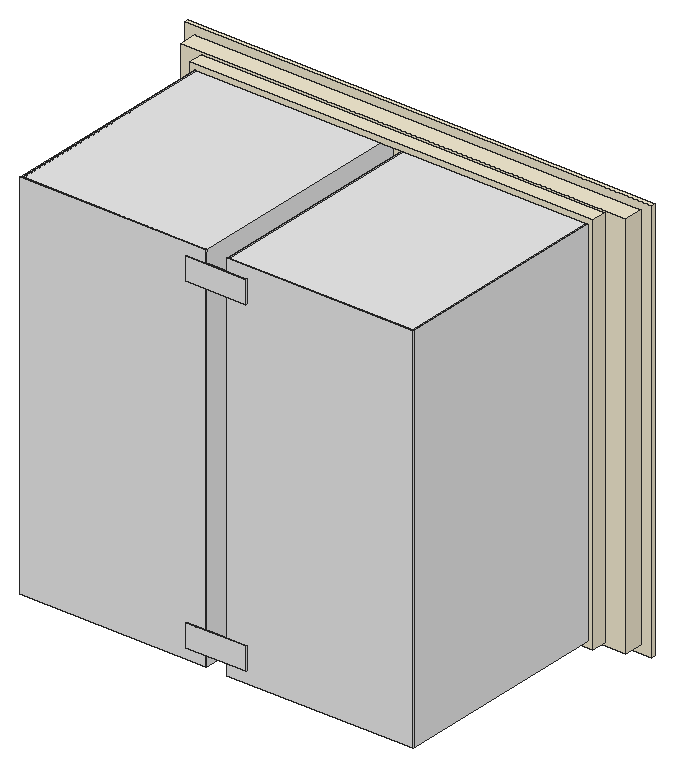
Revit family "4C-7_Door_High_Units_FL.rfa", category Specialty Equipment, host Wall, Revit 2016
Family settings
  Host = Wall
  Part Type = Normal
  Round Connector Dimension = Use Diameter
  Always vertical = Yes
  Cut with Voids When Loaded = No
  Shared = No
  Room Calculation Point = No
Parameters (values of type "3707D-12 FL")
  Width = 31.09766"
  Visible Door Number [instance] = yes
  Vertical Center Divider = yes
  Version = "2.0 (08/09/16)"
  Type Comments = "4C Standard Horizontal Mailbox - Front Loading"
  Top Back Plate = yes
  Right Inside Wall = yes
  Model = "3707D-12 FL"
  MasterFormat Title = "Postal Specialties"
  MasterFormat Number = "10 55 00"
  Manufacturer = "Salsbury Industries"
  Lock Material = Stainless Steel -Salsbury Finish =  Polished
  Left Inside Wall = yes
  Latch Locks - Right Side = no
  Latch Locks - Left Side = no
  Latch Alignment = 14.85742"
  Keynote = ""
  Height = 26.970"
  Front Panel Material [instance] = Aluminum - Salsbury Finish = Sandstone
  Door Slot R7 Number [instance] = "12"
  Door Slot R7 = 3700 Series 4C Door Configurations : MB1 Door w/ Divider
  Door Slot R6 Number [instance] = "11"
  Door Slot R6 = 3700 Series 4C Door Configurations : MB1 Door w/ Divider
  Door Slot R5 Number [instance] = "10"
  Door Slot R5 = 3700 Series 4C Door Configurations : MB1 Door w/ Divider
  Door Slot R4 Number [instance] = "0"
  Door Slot R4 = 3700 Series 4C OM2 Configuration : OM2-FL
  Door Slot R3 Number [instance] = "0"
  Door Slot R3 = 3700 Series 4C Door Configurations : Empty
  Door Slot R2 Number [instance] = "9"
  Door Slot R2 = 3700 Series 4C Door Configurations : MB1 Door w/ Divider
  Door Slot R1 Number [instance] = "8"
  Door Slot R1 = 3700 Series 4C Door Configurations : MB1 Door
  Door Slot L7 Number [instance] = "7"
  Door Slot L7 = 3700 Series 4C Door Configurations : MB1 Door w/ Divider
  Door Slot L6 Number [instance] = "6"
  Door Slot L6 = 3700 Series 4C Door Configurations : MB1 Door w/ Divider
  Door Slot L5 Number [instance] = "5"
  Door Slot L5 = 3700 Series 4C Door Configurations : MB1 Door w/ Divider
  Door Slot L4 Number [instance] = "4"
  Door Slot L4 = 3700 Series 4C Door Configurations : MB1 Door w/ Divider
  Door Slot L3 Number [instance] = "3"
  Door Slot L3 = 3700 Series 4C Door Configurations : MB1 Door w/ Divider
  Door Slot L2 Number [instance] = "2"
  Door Slot L2 = 3700 Series 4C Door Configurations : MB1 Door w/ Divider
  Door Slot L1 Number [instance] = "1"
  Door Slot L1 = 3700 Series 4C Door Configurations : MB1 Door
  Description = "7 Door High Unit: 12 MB1, OM2"
  Depth = 17.025"
  Center Extrusion Offset [instance] = 0.000"
  Bottom Back Plate = yes
  Back Enclosure Material = Aluminum - Salsbury Finish = Anodized
  Assembly Code = "C1030910"
  Above Finished Floor (AFF-Bottom of Unit) [instance] = 26.683"
  Above Finished Floor (AFF-Bottom of Door) [instance] = 28.000"
Reference planes (in)
  plane 1 "Wall Centerline": y = 0
  plane 2 "Center (Left/Right)": x = 0
  plane 3 "Front": y = 3
  plane 4 "15" AFF": z = 28
  plane 5 "28" AFF": z = 28
  plane 6 "36" AFF": z = 36
  plane 7 "48" AFF": z = 48
  plane 8 "Bottom of Unit": z = 26.683
  plane 9 "Top of Unit": z = 53.653
  plane 10 "Left Side of Unit": x = 15.54883
  plane 11 "Right Side of Unit": x = -15.54883
  plane 12 "28" AFF_Bottom of Unit": z = 26.683
  plane 13 "Top Horiz Trim Align": z = 52.82225
  plane 14 "Bottom Horiz Trim Align": z = 27.515
  plane 15 "Left Trim Align": x = 14.716
  plane 16 "Right Trim Align": x = -14.716
  plane 17 "Left Door Align": x = 14.06641
  plane 18 "Right Door Align": x = -14.06641
  plane 19 "Top Horiz Door Align": z = 52.23125
  plane 20 "Bottom Horiz Door Align": z = 28
  plane 21 "Front Face of Unit": y = 3.265
  plane 22 "Top Housing Align": z = 53.149
  plane 23 "Top Collar Align": z = 53.001
  plane 24 "Top Box Align": z = 52.646
  plane 25 "Vertical Housing Align": y = 1.795
  plane 26 "Vertical Collar Align": y = 0.795
  plane 27 "Back of Unit": y = -13.76
  plane 28 "Bottom Housing Align": z = 27.187
  plane 29 "Bottom Collar Align": z = 27.335
  plane 30 "Bottom Box Align": z = 27.75
  plane 31 "Door Alignment": y = 2.66809
  plane 32 "Right Housing Align": x = -14.84183
  plane 33 "Right Collar Align": x = -13.40883
  plane 34 "Right Box Side Align": x = -13.08083
  plane 35 "Left Housing Align": x = 14.84183
  plane 36 "Left Collar Align": x = 13.40883
  plane 37 "Left Side Box Align": x = 13.08083
  plane 38 "Top Back Plate Align": z = 51.867
  plane 39 "Back": y = -3
  plane 40 "RO Left Side": x = 15.17383
  plane 41 "RO Right Side": x = -15.17383
  plane 42 "RO Bottom": z = 27.058
  plane 43 "RO Top": z = 53.278
  plane 44 "Horiz Centerline": z = 42.04237
  plane 45: x = 12.99983
  plane 46: x = 12.92758
  plane 47 "Center Extrusion": x = 0
  plane 48 "Center Extrusion Offset": x = 0
  plane 49 "Row 4 Top Align": z = 42
  plane 50 "Row 3 Top Align": z = 45.5
  plane 51 "Row 2 Top Align": z = 49
  plane 52 "Row 7 Top Align": z = 31.5
  plane 53 "Row 6 Top Align": z = 35
  plane 54 "Row 5 Top Align": z = 38.5
  plane 55 "Top of base shelf": z = 28.41625
  plane 56 "base shelf void": z = 28.23439
  plane 57: z = 29.999
  plane 58: z = 28.499
  plane 59 "bottom of base shelf": z = 27.88469
  plane 60 "Right Latch Align": x = -0.69141
  plane 61 "Left Latch Align": x = 0.69141
  plane 62 "Bottom Latch Align": z = 33.765
  plane 63 "Top Latch Align": z = 46.631
Forms (in)
  Extrusion 1, void
    sketch origin (0, 3, 0) x (1, 0, 0) y (0, 0, 1)
      loop
        line (15.17383, 53.278) -> (-15.17383, 53.278) -> (-15.17383, 27.058) -> (15.17383, 27.058) -> (15.17383, 53.278)
    from 0 to 15.27914
  Extrusion 2, solid, material "Aluminum - Salsbury Finish = Sandstone" <- "Front Panel Material"
    sketch origin (0, 3, 0) x (1, 0, 0) y (0, 0, 1)
      loop
        line (15.54883, 53.653) -> (-15.54883, 53.653) -> (-15.54883, 26.683) -> (15.54883, 26.683) -> (15.54883, 53.653)
    from -0.265 to 0
  Extrusion 3, void
    sketch origin (0, 3.265, 0.00774) x (0, 0, -1) y (-1, 0, 0)
      loop
        line (-52.81451, -14.716) -> (-27.50726, -14.716) -> (-27.50726, 14.716) -> (-52.81451, 14.716) -> (-52.81451, -14.716)
    from -0.265 to 0
  Extrusion 4, solid, material "Aluminum - Salsbury Finish = Sandstone" <- "Front Panel Material"
    sketch origin (14.98214, 3.265, -1.67978) x (0, 0, -1) y (-1, 0, 0)
      loop
        line (-54.50203, 29.69814) -> (-54.50203, 29.04855) -> (-29.19478, 29.04855) -> (-29.19478, 29.69814) -> (-54.50203, 29.69814)
    from 0 to -0.265
  Extrusion 5, solid, material "Aluminum - Salsbury Finish = Sandstone" <- "Front Panel Material"
    sketch origin (0, 3.265, 84.08475) x (0, 0, 1) y (1, 0, 0)
      loop
        line (-56.56975, 14.06641) -> (-56.56975, -14.06641) -> (-56.08475, -14.06641) -> (-56.08475, 14.06641) -> (-56.56975, 14.06641)
    from -0.265 to 0
  Extrusion 6, solid, material "Aluminum - Salsbury Finish = Sandstone" <- "Front Panel Material"
    sketch origin (0, 3, 84.08475) x (1, 0, 0) y (0, 0, 1)
      loop
        line (-14.84183, -56.89775) -> (14.84183, -56.89775) -> (14.84183, -30.93575) -> (-14.84183, -30.93575) -> (-14.84183, -56.89775)
    from 0 to 1.205
  Extrusion 7, solid, material "Aluminum - Salsbury Finish = Sandstone" <- "Front Panel Material"
    sketch origin (0, 1.795, 0) x (0, 0, 1) y (-1, 0, 0)
      loop
        line (27.335, 13.40883) -> (27.335, -13.40883) -> (53.001, -13.40883) -> (53.001, 13.40883) -> (27.335, 13.40883)
    from 0 to 1
  Extrusion 8, void
    sketch origin (0, 1.795, 0) x (0, 0, 1) y (-1, 0, 0)
      loop
        line (52.646, 13.08083) -> (27.75, 13.08083) -> (27.75, -13.08083) -> (52.646, -13.08083) -> (52.646, 13.08083)
    from 0 to 1
  Extrusion 9, solid, material "Aluminum - Salsbury Finish = Sandstone" <- "Front Panel Material"
    sketch origin (0, 3.265, 0) x (0, 0, -1) y (-1, 0, 0)
      loop
        line (-52.82225, -14.716) -> (-27.515, -14.716) -> (-27.515, -14.06641) -> (-52.82225, -14.06641) -> (-52.82225, -14.716)
    from 0 to -0.265
  Extrusion 10, solid, material "Aluminum - Salsbury Finish = Sandstone" <- "Front Panel Material"
    sketch origin (0, 3.265, 0) x (0, 0, -1) y (-1, 0, 0)
      loop
        line (-52.82225, -14.06641) -> (-52.23125, -14.06641) -> (-52.23125, 14.06641) -> (-52.82225, 14.06641) -> (-52.82225, -14.06641)
    from -0.265 to 0
  Extrusion 11, void
    sketch origin (0, 1.795, 0) x (0, 0, 1) y (-1, 0, 0)
      loop
        line (53.001, -13.40883) -> (53.001, 13.40883) -> (27.335, 13.40883) -> (27.335, -13.40883) -> (53.001, -13.40883)
    from -1.124 to 0
  Extrusion 12, void
    sketch origin (0, 3, 0) x (1, 0, 0) y (0, 0, 1)
      loop
        line (14.06641, 53.001) -> (-14.06641, 53.001) -> (-14.06641, 27.335) -> (14.06641, 27.335) -> (14.06641, 53.001)
    from 0 to 0.33191
  Extrusion 13, solid, material "Aluminum - Salsbury Finish = Anodized" <- "Back Enclosure Material"
    sketch origin (-0.54283, 1.795, 0) x (0, 0, 1) y (-1, 0, 0)
      loop
        line (52.646, 12.538) -> (27.75, 12.538) -> (27.75, 12.457) -> (52.646, 12.457) -> (52.646, 12.538)
    from 0 to 15.47297
  Extrusion 14, solid, material "Aluminum - Salsbury Finish = Anodized" <- "Back Enclosure Material", visible <- "Right Inside Wall"
    sketch origin (11.7675, 1.795, 0) x (0, 0, 1) y (-1, 0, 0)
      loop
        line (52.646, 12.538) -> (27.75, 12.538) -> (27.75, 12.457) -> (52.646, 12.457) -> (52.646, 12.538)
    from 0 to 15.47297
  Extrusion 15, solid, material "Aluminum - Salsbury Finish = Anodized" <- "Back Enclosure Material"
    sketch origin (0.54283, 1.795, 0) x (0, 0, 1) y (-1, 0, 0)
      loop
        line (52.646, -12.538) -> (52.646, -12.457) -> (27.75, -12.457) -> (27.75, -12.538) -> (52.646, -12.538)
    from 0 to 15.47297
  Extrusion 16, solid, material "Aluminum - Salsbury Finish = Anodized" <- "Back Enclosure Material", visible <- "Left Inside Wall"
    sketch origin (-11.7675, 1.795, 0) x (0, 0, 1) y (-1, 0, 0)
      loop
        line (52.646, -12.538) -> (52.646, -12.457) -> (27.75, -12.457) -> (27.75, -12.538) -> (52.646, -12.538)
    from 0 to 15.47297
  Extrusion 17, solid, material "Aluminum - Salsbury Finish = Anodized" <- "Back Enclosure Material"
    sketch origin (0, -13.76, 0) x (0, 0, 1) y (-1, 0, 0)
      loop
        line (52.646, 13.08083) -> (27.75, 13.08083) -> (27.75, -13.08083) -> (52.646, -13.08083) -> (52.646, 13.08083)
    from -0.08203 to 0
  Extrusion 18, solid, material "Aluminum - Salsbury Finish = Anodized" <- "Back Enclosure Material"
    sketch origin (0, 0, 52.646) x (0, 1, 0) y (-1, 0, 0)
      loop
        line (1.795, 12.99983) -> (-13.67797, 12.99983) -> (-13.67797, -12.99983) -> (1.795, -12.99983) -> (1.795, 12.99983)
    from -0.35871 to 0
  Extrusion 19, void
    sketch origin (0, 0, 52.646) x (0, 1, 0) y (-1, 0, 0)
      loop
        line (1.7325, 12.93342) -> (-13.61547, 12.93342) -> (-13.61547, -12.92758) -> (1.7325, -12.92758) -> (1.7325, 12.93342)
    from -0.0723 to -0.6459
  Extrusion 20, solid, material "Aluminum - Salsbury Finish = Anodized" <- "Back Enclosure Material"
    sketch origin (0, 0, 27.88469) x (-1, 0, 0) y (0, -1, 0)
      loop
        line (12.99983, -1.795) -> (12.99983, 13.67797) -> (-12.99983, 13.67797) -> (-12.99983, -1.795) -> (12.99983, -1.795)
    from 0.53156 to 0
  Extrusion 21, void
    sketch origin (0, 0, 27.88469) x (-1, 0, 0) y (0, -1, 0)
      loop
        line (12.93342, -1.7325) -> (12.93342, 13.61547) -> (-12.92758, 13.61547) -> (-12.92758, -1.7325) -> (12.93342, -1.7325)
    from 0.3497 to 0
  Extrusion 22, solid, material "Aluminum - Salsbury Finish = Anodized" <- "Back Enclosure Material", visible <- "Top Back Plate"
    sketch origin (0, -13.76, 0) x (0, 0, 1) y (-1, 0, 0)
      loop
        line (51.867, 2) -> (50.367, 2) -> (50.367, -2) -> (51.867, -2) -> (51.867, 2)
    from 0 to 0.08203
  Extrusion 23, solid, material "Aluminum - Salsbury Finish = Anodized" <- "Back Enclosure Material", visible <- "Bottom Back Plate"
    sketch origin (0, -13.76, 84.11475) x (0, 0, -1) y (1, 0, 0)
      loop
        line (55.61575, -2) -> (55.61575, 2) -> (54.11575, 2) -> (54.11575, -2) -> (55.61575, -2)
    from 0 to 0.08203
  Extrusion 24, void
    sketch origin (0, 0, 0) x (0, 0, 1) y (0, 1, 0)
      loop
        line (52.646, 1.795) -> (52.82225, 1.795) -> (52.82225, 3.265) -> (27.515, 3.265) -> (27.515, 1.795) -> (27.75, 1.795) -> (27.75, -13.76) -> (52.646, -13.76) -> (52.646, 1.795)
    from -0.69141 to 0.69141
  Extrusion 25, solid, material "Aluminum - Salsbury Finish = Sandstone" <- "Front Panel Material", visible <- "Vertical Center Divider"
    sketch origin (-0.77934, 3.265, 0) x (0, 0, -1) y (-1, 0, 0)
      loop
        line (-52.82225, -1.47075) -> (-27.515, -1.47075) -> (-27.515, -0.08794) -> (-52.82225, -0.08794) -> (-52.82225, -1.47075)
    from 0 to -1.47
Cuts and joins
  Extrusion 3, Extrusion 11, Extrusion 24 cuts Extrusion 2
  Extrusion 8, Extrusion 11, Extrusion 12, Extrusion 24 cuts Extrusion 5
  Extrusion 8, Extrusion 12, Extrusion 19, Extrusion 24 cuts Extrusion 7
  Extrusion 11, Extrusion 12, Extrusion 24 cuts Extrusion 10
  Extrusion 11, Extrusion 12 cuts Extrusion 6
  Extrusion 12 cuts Extrusion 4
  Extrusion 12 cuts Extrusion 9
  Extrusion 19, Extrusion 21, Extrusion 24 cuts Extrusion 18
  Extrusion 21, Extrusion 24 cuts Extrusion 20
  Extrusion 24 cuts Extrusion 17
  Extrusion 24 cuts Extrusion 22
  Extrusion 24 cuts Extrusion 23
Lines and regions (in)
  model lines
    curve 1: line (15.54883, 3.265, 53.653) -> (14.716, 3.265, 52.82017)
    curve 2: line (-15.54883, 3.265, 53.653) -> (-14.716, 3.265, 52.82017)
    curve 3: line (-15.54883, 3.265, 26.683) -> (-14.716, 3.265, 27.51583)
    curve 4: line (15.54883, 3.265, 26.683) -> (14.716, 3.265, 27.51583)
  reference lines
    curve 5: line (-14.06641, 2.66809, 25.683) -> (-14.06641, 2.66809, 57.93425)
    curve 6: line (14.06641, 2.66809, 26.183) -> (14.06641, 2.66809, 57.93425)
Text (in)
  text "Placement Side" at (0, 40.15149, 123.01588), in view "Right"
  text "Placement Side" at (-58.6842, 42.74981, 0), in view "Ref. Level"
  text "Placement Side" at (0, 47.49176, 140.59947), in view "Left"
Dimensions and locks (in)
  locked: plane 3 "Front" to host wall
  "Above Finished Floor (AFF-Bottom of Door)": level to plane 4 "15" AFF"
  locked: level to plane 5 "28" AFF" at 28
  locked: level to plane 6 "36" AFF" at 36
  locked: level to plane 7 "48" AFF" at 48
  equal spacing: plane 11 "Right Side of Unit", plane 2 "Center (Left/Right)", plane 10 "Left Side of Unit"
  plane 8 "Bottom of Unit" to plane 4 "15" AFF" = 1.317"
  "Width": plane 11 "Right Side of Unit" to plane 10 "Left Side of Unit"
  "Height": plane 8 "Bottom of Unit" to plane 9 "Top of Unit"
  plane 12 "28" AFF_Bottom of Unit" to plane 5 "28" AFF" = 1.317"
  locked: plane 15 "Left Trim Align" to plane 10 "Left Side of Unit" at 0.83283
  locked: plane 16 "Right Trim Align" to plane 11 "Right Side of Unit" at 0.83283
  locked: plane 13 "Top Horiz Trim Align" to plane 9 "Top of Unit" at 0.83075
  locked: plane 8 "Bottom of Unit" to plane 14 "Bottom Horiz Trim Align" at 0.832
  plane 17 "Left Door Align" to plane 15 "Left Trim Align" = 0.64959"
  plane 18 "Right Door Align" to plane 16 "Right Trim Align" = 0.64959"
  locked: plane 19 "Top Horiz Door Align" to plane 13 "Top Horiz Trim Align" at 0.591
  locked: plane 14 "Bottom Horiz Trim Align" to plane 20 "Bottom Horiz Door Align" at 0.485
  plane 20 "Bottom Horiz Door Align" to level = 28.000"
  plane 5 "28" AFF" to level = 28.000"
  plane 6 "36" AFF" to level = 36.000"
  plane 7 "48" AFF" to level = 48.000"
  plane 9 "Top of Unit" to plane 8 "Bottom of Unit" = 26.970"
  plane 21 "Front Face of Unit" to host wall = 0.265"
  locked: host wall to plane 25 "Vertical Housing Align" at 1.205
  locked: plane 25 "Vertical Housing Align" to plane 26 "Vertical Collar Align" at 1
  plane 25 "Vertical Housing Align" to plane 27 "Back of Unit" = 15.555"
  "Depth": plane 21 "Front Face of Unit" to plane 27 "Back of Unit"
  locked: plane 9 "Top of Unit" to plane 22 "Top Housing Align" at 0.504
  locked: plane 22 "Top Housing Align" to plane 23 "Top Collar Align" at 0.148
  locked: plane 23 "Top Collar Align" to plane 24 "Top Box Align" at 0.355
  locked: plane 28 "Bottom Housing Align" to plane 8 "Bottom of Unit" at 0.504
  locked: plane 29 "Bottom Collar Align" to plane 28 "Bottom Housing Align" at 0.148
  locked: plane 30 "Bottom Box Align" to plane 29 "Bottom Collar Align" at 0.415
  plane 24 "Top Box Align" to plane 30 "Bottom Box Align" = 24.896"  (x2)
  locked: plane 21 "Front Face of Unit" to plane 31 "Door Alignment" at 0.59691
  plane 11 "Right Side of Unit" to plane 32 "Right Housing Align" to plane 33 "Right Collar Align" to plane 34 "Right Box Side Align" = 0.707" locked, 1.433" locked, 0.328" locked
  plane 37 "Left Side Box Align" to plane 36 "Left Collar Align" to plane 35 "Left Housing Align" to plane 10 "Left Side of Unit" = 0.328" locked, 1.433" locked, 0.707" locked
  plane 11 "Right Side of Unit" to plane 32 "Right Housing Align" to plane 33 "Right Collar Align" to plane 34 "Right Box Side Align" = 0.707", 1.433", 0.328"
  plane 37 "Left Side Box Align" to plane 36 "Left Collar Align" to plane 35 "Left Housing Align" to plane 10 "Left Side of Unit" = 0.328", 1.433", 0.707"
  plane 9 "Top of Unit" to plane 24 "Top Box Align" = 1.007"
  plane 30 "Bottom Box Align" to plane 8 "Bottom of Unit" = 1.067"
  locked: plane 24 "Top Box Align" to plane 38 "Top Back Plate Align" at 0.779
  locked: plane 40 "RO Left Side" to plane 10 "Left Side of Unit" at 0.375
  locked: plane 41 "RO Right Side" to plane 11 "Right Side of Unit" at 0.375
  locked: plane 8 "Bottom of Unit" to plane 42 "RO Bottom" at 0.375
  locked: plane 43 "RO Top" to plane 9 "Top of Unit" at 0.375
  Extrusion 13 to Extrusion 13 = 0.081"
  Extrusion 15 to Extrusion 15 = 0.081"
  plane 45 to plane 37 "Left Side Box Align" = 0.081"
  plane 46 to plane 45 = 0.07225"
  plane 18 "Right Door Align" to plane 17 "Left Door Align" = 28.13281"
  "Center Extrusion Offset": plane 47 "Center Extrusion" to plane 48 "Center Extrusion Offset"
  plane 20 "Bottom Horiz Door Align" to plane 52 "Row 7 Top Align" to plane 53 "Row 6 Top Align" to plane 54 "Row 5 Top Align" to plane 49 "Row 4 Top Align" to plane 50 "Row 3 Top Align" = 3.500" locked, 3.500" locked, 3.500" locked, 3.500" locked, 3.500" locked
  locked: plane 50 "Row 3 Top Align" to plane 51 "Row 2 Top Align" at 3.5
  plane 55 "Top of base shelf" to plane 56 "base shelf void" to plane 59 "bottom of base shelf" to plane 30 "Bottom Box Align" = 0.18186" locked, 0.3497" locked, 0.13469" locked
  plane 57 to plane 58 to plane 8 "Bottom of Unit" = 1.500" locked, 1.816" locked
  "Above Finished Floor (AFF-Bottom of Unit)": level to plane 8 "Bottom of Unit"
  locked: plane 60 "Right Latch Align" to plane 61 "Left Latch Align" at 1.38281
  plane 62 "Bottom Latch Align" to plane 30 "Bottom Box Align" = 6.015"
  plane 24 "Top Box Align" to plane 63 "Top Latch Align" = 6.015"
  "Latch Alignment": plane 11 "Right Side of Unit" to plane 60 "Right Latch Align"
  aligned and locked: plane 8 "Bottom of Unit" to Extrusion 2 sketch curve
  aligned and locked: plane 10 "Left Side of Unit" to Extrusion 2 sketch curve
  aligned and locked: Extrusion 2 sketch curve to plane 11 "Right Side of Unit"
  aligned and locked: Extrusion 2 sketch curve to plane 9 "Top of Unit"
  aligned and locked: plane 21 "Front Face of Unit" to Extrusion 2
  aligned and locked: Extrusion 4 to plane 16 "Right Trim Align"
  aligned and locked: plane 18 "Right Door Align" to Extrusion 4
  aligned and locked: plane 13 "Top Horiz Trim Align" to Extrusion 4
  aligned and locked: Extrusion 5 to plane 14 "Bottom Horiz Trim Align"
  aligned and locked: Extrusion 5 to plane 17 "Left Door Align"
  aligned and locked: plane 20 "Bottom Horiz Door Align" to Extrusion 5
  aligned and locked: Extrusion 5 to plane 18 "Right Door Align"
  aligned and locked: plane 34 "Right Box Side Align" to Extrusion 17 sketch curve
  aligned and locked: Extrusion 17 sketch curve to plane 24 "Top Box Align"
  aligned and locked: Extrusion 17 sketch curve to plane 37 "Left Side Box Align"
  aligned and locked: plane 30 "Bottom Box Align" to Extrusion 17 sketch curve
  aligned and locked: plane 25 "Vertical Housing Align" to Extrusion 18 sketch curve
  aligned and locked: Extrusion 18 sketch curve to plane 45
  aligned and locked: plane 46 to Extrusion 19
  aligned and locked: plane 45 to cut or joined group of Extrusion 18, Extrusion 19, Extrusion 21, Extrusion 24
  aligned and locked: plane 25 "Vertical Housing Align" to Extrusion 20 sketch curve
  aligned and locked: Extrusion 20 sketch curve to plane 45
  aligned and locked: plane 46 to cut or joined group of Extrusion 20, Extrusion 21, Extrusion 24
  aligned and locked: plane 17 "Left Door Align" to cut or joined group of Extrusion 9, Extrusion 12
  aligned and locked: plane 25 "Vertical Housing Align" to Extrusion 25
  aligned and locked: plane 21 "Front Face of Unit" to Extrusion 25
  aligned and locked: nested 8 to plane 17 "Left Door Align"
  aligned and locked: plane 31 "Door Alignment" to nested 8  (x2)
  aligned and locked: nested 9 to plane 17 "Left Door Align"
  aligned and locked: plane 31 "Door Alignment" to nested 9  (x2)
  aligned and locked: nested 7 to curve 5
  aligned and locked: nested 6 to curve 5
  aligned and locked: nested 5 to curve 5
  aligned and locked: nested 3 to curve 5
  aligned and locked: nested 14 to curve 6
  aligned and locked: nested 13 to curve 6
  aligned and locked: nested 12 to curve 6
  aligned and locked: nested 11 to curve 6
  aligned and locked: nested 10 to curve 6
  aligned and locked: nested 9 to curve 6
  aligned and locked: nested 8 to curve 6
  aligned and locked: plane 31 "Door Alignment" to nested 6
  aligned and locked: plane 31 "Door Alignment" to nested 13
  aligned and locked: plane 31 "Door Alignment" to nested 5
  aligned and locked: plane 31 "Door Alignment" to nested 3
  aligned and locked: plane 31 "Door Alignment" to nested 10
  aligned and locked: plane 31 "Door Alignment" to nested 12
  aligned and locked: plane 31 "Door Alignment" to nested 2
  aligned and locked: plane 31 "Door Alignment" to nested 4
  aligned and locked: nested 1 to curve 5
  aligned and locked: nested 2 to curve 5
  aligned and locked: nested 4 to curve 5
  aligned and locked: plane 31 "Door Alignment" to nested 1
  aligned and locked: plane 31 "Door Alignment" to nested 7
  aligned and locked: cut or joined group of Extrusion 23, Extrusion 24 to plane 58
  aligned and locked: plane 55 "Top of base shelf" to cut or joined group of Extrusion 20, Extrusion 21, Extrusion 24
  aligned and locked: cut or joined group of Extrusion 20, Extrusion 21, Extrusion 24 to plane 59 "bottom of base shelf"
  aligned and locked: plane 20 "Bottom Horiz Door Align" to nested 7
  aligned and locked: plane 20 "Bottom Horiz Door Align" to nested 14
  aligned and locked: plane 52 "Row 7 Top Align" to nested 6
  aligned and locked: plane 52 "Row 7 Top Align" to nested 13
  aligned and locked: plane 53 "Row 6 Top Align" to nested 5
  aligned and locked: plane 53 "Row 6 Top Align" to nested 12
  aligned and locked: plane 54 "Row 5 Top Align" to nested 4
  aligned and locked: plane 54 "Row 5 Top Align" to nested 11
  aligned and locked: plane 49 "Row 4 Top Align" to nested 3
  aligned and locked: plane 49 "Row 4 Top Align" to nested 10
  aligned and locked: plane 50 "Row 3 Top Align" to nested 2
  aligned and locked: plane 50 "Row 3 Top Align" to nested 9
  aligned and locked: plane 51 "Row 2 Top Align" to nested 1
  aligned and locked: plane 51 "Row 2 Top Align" to nested 8
  aligned and locked: plane 31 "Door Alignment" to nested 11
  aligned and locked: plane 31 "Door Alignment" to nested 14
  aligned and locked: nested 16 to plane 27 "Back of Unit"
  aligned and locked: nested 15 to plane 27 "Back of Unit"
  aligned and locked: nested 18 to plane 27 "Back of Unit"
  aligned and locked: nested 17 to plane 27 "Back of Unit"
  aligned and locked: plane 62 "Bottom Latch Align" to nested 18
  aligned and locked: plane 62 "Bottom Latch Align" to nested 17
  aligned and locked: plane 63 "Top Latch Align" to nested 16
  aligned and locked: plane 63 "Top Latch Align" to nested 15
  aligned and locked: plane 60 "Right Latch Align" to nested 17
  aligned and locked: plane 61 "Left Latch Align" to nested 18
  aligned and locked: plane 61 "Left Latch Align" to nested 16
  aligned and locked: plane 60 "Right Latch Align" to nested 15
Automatic sketch dimensions
  Extrusion 1 sketch curve to plane 41 "RO Right Side" = 0.000"
  plane 40 "RO Left Side" to Extrusion 1 sketch curve = 0.000"
  Extrusion 1 sketch curve to plane 42 "RO Bottom" = 0.000"
  Extrusion 1 sketch curve to plane 43 "RO Top" = 0.000"
  Extrusion 6 sketch curve to plane 22 "Top Housing Align" = 0.000"
  Extrusion 6 sketch curve to plane 32 "Right Housing Align" = 0.000"
  Extrusion 6 sketch curve to plane 35 "Left Housing Align" = 0.000"
  Extrusion 6 sketch curve to plane 28 "Bottom Housing Align" = 0.000"
  Extrusion 7 sketch curve to plane 29 "Bottom Collar Align" = 0.000"
  Extrusion 7 sketch curve to plane 23 "Top Collar Align" = 0.000"
  plane 36 "Left Collar Align" to Extrusion 7 sketch curve = 0.000"
  Extrusion 7 sketch curve to plane 33 "Right Collar Align" = 0.000"
  Extrusion 8 sketch curve to plane 30 "Bottom Box Align" = 0.000"
  Extrusion 8 sketch curve to plane 24 "Top Box Align" = 0.000"
  Extrusion 8 sketch curve to plane 37 "Left Side Box Align" = 0.000"
  plane 34 "Right Box Side Align" to Extrusion 8 sketch curve = 0.000"
  Extrusion 11 sketch curve to plane 29 "Bottom Collar Align" = 0.000"
  Extrusion 11 sketch curve to plane 23 "Top Collar Align" = 0.000"
  plane 36 "Left Collar Align" to Extrusion 11 sketch curve = 0.000"
  plane 33 "Right Collar Align" to Extrusion 11 sketch curve = 0.000"
  Extrusion 13 sketch curve to plane 30 "Bottom Box Align" = 0.000"
  Extrusion 13 sketch curve to plane 24 "Top Box Align" = 0.000"
  plane 34 "Right Box Side Align" to Extrusion 13 sketch curve = 0.000"
  Extrusion 13 sketch curve to Extrusion 13 sketch curve = 0.081"
  Extrusion 15 sketch curve to plane 30 "Bottom Box Align" = 0.000"
  Extrusion 15 sketch curve to plane 24 "Top Box Align" = 0.000"
  plane 37 "Left Side Box Align" to Extrusion 15 sketch curve = 0.000"
  plane 37 "Left Side Box Align" to Extrusion 15 sketch curve = 0.081"
  Extrusion 18 sketch curve to plane 27 "Back of Unit" = 0.08203"
  plane 34 "Right Box Side Align" to Extrusion 18 sketch curve = 0.081"
  curve 2 to plane 9 "Top of Unit" = 0.000"
  curve 1 to plane 9 "Top of Unit" = 0.000"
  curve 2 to plane 16 "Right Trim Align" = 0.000"
  plane 15 "Left Trim Align" to curve 1 = 0.000"
  curve 3 to plane 16 "Right Trim Align" = 0.000"
  plane 15 "Left Trim Align" to curve 4 = 0.000"
  curve 4 to plane 8 "Bottom of Unit" = 0.000"
  curve 3 to plane 8 "Bottom of Unit" = 0.000"
  plane 10 "Left Side of Unit" to curve 4 = 0.000"
  plane 10 "Left Side of Unit" to curve 1 = 0.000"
  plane 11 "Right Side of Unit" to curve 3 = 0.000"
  plane 11 "Right Side of Unit" to curve 2 = 0.000"
  curve 2 to plane 13 "Top Horiz Trim Align" = 0.00208"
  curve 1 to plane 13 "Top Horiz Trim Align" = 0.00208"
  plane 14 "Bottom Horiz Trim Align" to curve 3 = 0.00083"
  plane 14 "Bottom Horiz Trim Align" to curve 4 = 0.00083"
  Extrusion 3 sketch curve to plane 13 "Top Horiz Trim Align" = 0.000"
  Extrusion 3 sketch curve to plane 14 "Bottom Horiz Trim Align" = 0.000"
  plane 15 "Left Trim Align" to Extrusion 3 sketch curve = 0.000"
  Extrusion 3 sketch curve to plane 16 "Right Trim Align" = 0.000"
  plane 13 "Top Horiz Trim Align" to Extrusion 4 sketch curve = 0.000"
  plane 14 "Bottom Horiz Trim Align" to Extrusion 4 sketch curve = 0.000"
  Extrusion 4 sketch curve to plane 16 "Right Trim Align" = 0.000"
  Extrusion 4 sketch curve to plane 18 "Right Door Align" = 0.000"
  Extrusion 5 sketch curve to plane 14 "Bottom Horiz Trim Align" = 0.000"
  Extrusion 5 sketch curve to plane 4 "15" AFF" = 0.000"
  plane 17 "Left Door Align" to Extrusion 5 sketch curve = 0.000"
  Extrusion 5 sketch curve to plane 18 "Right Door Align" = 0.000"
  Extrusion 9 sketch curve to plane 13 "Top Horiz Trim Align" = 0.000"
  Extrusion 9 sketch curve to plane 14 "Bottom Horiz Trim Align" = 0.000"
  plane 15 "Left Trim Align" to Extrusion 9 sketch curve = 0.000"
  plane 17 "Left Door Align" to Extrusion 9 sketch curve = 0.000"
  Extrusion 10 sketch curve to plane 13 "Top Horiz Trim Align" = 0.000"
  plane 17 "Left Door Align" to Extrusion 10 sketch curve = 0.000"
  Extrusion 10 sketch curve to plane 18 "Right Door Align" = 0.000"
  Extrusion 10 sketch curve to plane 19 "Top Horiz Door Align" = 0.000"
  Extrusion 12 sketch curve to plane 18 "Right Door Align" = 0.000"
  plane 17 "Left Door Align" to Extrusion 12 sketch curve = 0.000"
  Extrusion 12 sketch curve to plane 29 "Bottom Collar Align" = 0.000"
  Extrusion 12 sketch curve to plane 23 "Top Collar Align" = 0.000"
  Extrusion 14 sketch curve to plane 30 "Bottom Box Align" = 0.000"
  Extrusion 14 sketch curve to plane 24 "Top Box Align" = 0.000"
  Extrusion 14 sketch curve to plane 2 "Center (Left/Right)" = 0.6895"
  Extrusion 14 sketch curve to Extrusion 14 sketch curve = 0.081"
  Extrusion 16 sketch curve to plane 30 "Bottom Box Align" = 0.000"
  Extrusion 16 sketch curve to plane 24 "Top Box Align" = 0.000"
  Extrusion 16 sketch curve to plane 2 "Center (Left/Right)" = 0.6895"
  Extrusion 16 sketch curve to Extrusion 16 sketch curve = 0.081"
  Extrusion 19 sketch curve to plane 46 = 0.000"
  Extrusion 19 sketch curve to plane 27 "Back of Unit" = 0.14453"
  plane 25 "Vertical Housing Align" to Extrusion 19 sketch curve = 0.0625"
  plane 34 "Right Box Side Align" to Extrusion 19 sketch curve = 0.14741"
  Extrusion 22 sketch curve to plane 38 "Top Back Plate Align" = 0.000"
  plane 38 "Top Back Plate Align" to Extrusion 22 sketch curve = 1.500"
  plane 2 "Center (Left/Right)" to Extrusion 22 sketch curve = 2.000"
  Extrusion 22 sketch curve to plane 2 "Center (Left/Right)" = 2.000"
  Extrusion 23 sketch curve to plane 2 "Center (Left/Right)" = 2.000"
  plane 2 "Center (Left/Right)" to Extrusion 23 sketch curve = 2.000"
  Extrusion 24 sketch curve to plane 14 "Bottom Horiz Trim Align" = 0.000"
  Extrusion 24 sketch curve to plane 25 "Vertical Housing Align" = 0.000"  (x2)
  Extrusion 24 sketch curve to plane 30 "Bottom Box Align" = 0.000"
  Extrusion 24 sketch curve to plane 24 "Top Box Align" = 0.000"
  Extrusion 24 sketch curve to plane 13 "Top Horiz Trim Align" = 0.000"
  Extrusion 24 sketch curve to plane 27 "Back of Unit" = 0.000"
  Extrusion 24 sketch curve to plane 21 "Front Face of Unit" = 0.000"
  Extrusion 25 sketch curve to plane 13 "Top Horiz Trim Align" = 0.000"
  Extrusion 25 sketch curve to plane 14 "Bottom Horiz Trim Align" = 0.000"
  plane 2 "Center (Left/Right)" to Extrusion 25 sketch curve = 0.69141"
  Extrusion 25 sketch curve to plane 2 "Center (Left/Right)" = 0.69141"
  curve 5 to plane 18 "Right Door Align" = 0.000"
  plane 17 "Left Door Align" to curve 6 = 0.000"
  curve 5 to plane 8 "Bottom of Unit" = 1.000"
  curve 6 to plane 8 "Bottom of Unit" = 0.500"
  plane 9 "Top of Unit" to curve 6 = 4.28125"
  plane 9 "Top of Unit" to curve 5 = 4.28125"
  Extrusion 23 sketch curve to plane 4 "15" AFF" = 0.499"
  Extrusion 23 sketch curve to Extrusion 23 sketch curve = 1.500"
  plane 34 "Right Box Side Align" to Extrusion 20 sketch curve = 0.081"
  Extrusion 20 sketch curve to plane 27 "Back of Unit" = 0.08203"
  Extrusion 21 sketch curve to plane 46 = 0.000"
  plane 34 "Right Box Side Align" to Extrusion 21 sketch curve = 0.14741"
  plane 25 "Vertical Housing Align" to Extrusion 21 sketch curve = 0.0625"
  Extrusion 21 sketch curve to plane 27 "Back of Unit" = 0.14453"
Nested families (in)
  nested 1: "3700 Series 4C Door Configurations" at (-7.37891, 2.79505, 49) x (-1, 0, 0) z (0, 0, 1), type <- "Door Slot R1", Door Number <- "Door Slot R1 Number", type "MB1 Door"
    with Door Number "8"
  nested 2: "3700 Series 4C Door Configurations" at (-7.37891, 2.79505, 45.5) x (-1, 0, 0) z (0, 0, 1), type <- "Door Slot R2", Door Number <- "Door Slot R2 Number", type "MB1 Door w/ Divider"
    with Door Number "9"
  nested 3: "3700 Series 4C Door Configurations" at (-7.37891, 2.79505, 42) x (-1, 0, 0) z (0, 0, 1), type <- "Door Slot R3", Door Number <- "Door Slot R3 Number", type "Empty"
    with Door Number "0"
  nested 4: "3700 Series 4C OM2 Configuration" at (-7.37891, 2.79505, 38.5) x (-1, 0, 0) z (0, 0, 1), type <- "Door Slot R4", Door Number <- "Door Slot R4 Number", type "OM2-FL"
    with Door Number "0"
  nested 5: "3700 Series 4C Door Configurations" at (-7.37891, 2.79505, 35) x (-1, 0, 0) z (0, 0, 1), type <- "Door Slot R5", Door Number <- "Door Slot R5 Number", type "MB1 Door w/ Divider"
    with Door Number "10"
  nested 6: "3700 Series 4C Door Configurations" at (-7.37891, 2.79505, 31.5) x (-1, 0, 0) z (0, 0, 1), type <- "Door Slot R6", Door Number <- "Door Slot R6 Number", type "MB1 Door w/ Divider"
    with Door Number "11"
  nested 7: "3700 Series 4C Door Configurations" at (-7.37891, 2.79505, 28) x (-1, 0, 0) z (0, 0, 1), type <- "Door Slot R7", Door Number <- "Door Slot R7 Number", type "MB1 Door w/ Divider"
    with Door Number "12"
  nested 8: "3700 Series 4C Door Configurations" at (7.37891, 2.79505, 49) x (-1, 0, 0) z (0, 0, 1), type <- "Door Slot L1", Door Number <- "Door Slot L1 Number", type "MB1 Door"
    with Door Number "1"
  nested 9: "3700 Series 4C Door Configurations" at (7.37891, 2.79505, 45.5) x (-1, 0, 0) z (0, 0, 1), type <- "Door Slot L2", Door Number <- "Door Slot L2 Number", type "MB1 Door w/ Divider"
    with Door Number "2"
  nested 10: "3700 Series 4C Door Configurations" at (7.37891, 2.79505, 42) x (-1, 0, 0) z (0, 0, 1), type <- "Door Slot L3", Door Number <- "Door Slot L3 Number", type "MB1 Door w/ Divider"
    with Door Number "3"
  nested 11: "3700 Series 4C Door Configurations" at (7.37891, 2.79505, 38.5) x (-1, 0, 0) z (0, 0, 1), type <- "Door Slot L4", Door Number <- "Door Slot L4 Number", type "MB1 Door w/ Divider"
    with Door Number "4"
  nested 12: "3700 Series 4C Door Configurations" at (7.37891, 2.79505, 35) x (-1, 0, 0) z (0, 0, 1), type <- "Door Slot L5", Door Number <- "Door Slot L5 Number", type "MB1 Door w/ Divider"
    with Door Number "5"
  nested 13: "3700 Series 4C Door Configurations" at (7.37891, 2.79505, 31.5) x (-1, 0, 0) z (0, 0, 1), type <- "Door Slot L6", Door Number <- "Door Slot L6 Number", type "MB1 Door w/ Divider"
    with Door Number "6"
  nested 14: "3700 Series 4C Door Configurations" at (7.37891, 2.79505, 28) x (-1, 0, 0) z (0, 0, 1), Door Number <- "Door Slot L7 Number", type <- "Door Slot L7", type "MB1 Door w/ Divider"
    with Door Number "7"
  nested 15: "4C Latch Lock-Right" at (-1.81641, -13.882, 45.9435) x (-1, 0, 0) z (0, 0, 1), type "Lock Latch"
    with Visible Latch no
  nested 16: "4C Latch Lock-Left" at (1.81641, -13.882, 45.9435) x (-1, 0, 0) z (0, 0, 1), type "Lock Latch"
    with Visible Latch no
  nested 17: "4C Latch Lock-Right" at (-1.81641, -13.882, 33.0775) x (-1, 0, 0) z (0, 0, 1), type "Lock Latch"
    with Visible Latch no
  nested 18: "4C Latch Lock-Left" at (1.81641, -13.882, 33.0775) x (-1, 0, 0) z (0, 0, 1), type "Lock Latch"
    with Visible Latch no
Definition of nested family "3700 Series 4C Door Configurations"
  Parameters (values of type "MB1 Door w/ Divider")
    Weight = "5 lbs."
    Visible Door Number = yes
    URL = ""
    Model = "3700MB1"
    Manufacturer = "Salsbury Industries"
    Lock Material = none
    Inset Offset = 0.000"
    Front Panel Material = none
    Door Width = 13.375"
    Door Visibility-MB1 = yes
    Door Number [instance] = "101"
    Door Lock = yes
    Door Height = 3.23047"
    Door Divider = yes
    Door Depth = 0.25391"
    Description = "MB1 Door for 3700 Series 4C Mailboxes"
    Cost = 0
    Center Lock-Vertical = 0.875"
    Center Lock-Horizontal = 1.61523"
  Types (11): name | Weight | Visible Door Number | Model | Inset Offset | Door Visibility-MB1 | Door Lock | Door Height | Door Divider | Description
    MB1 Door w/ Divider | "5 lbs." | yes | "3700MB1" | 0.000" | yes | yes | 3.23047" | yes | "MB1 Door for 3700 Series 4C Mailboxes"
    MB1 Door | "5 lbs." | yes | "3700MB1" | 0.000" | yes | yes | 3.23047" | no | "MB1 Door for 3700 Series 4C Mailboxes"
    MB2 Door | "10 lbs." | yes | "3700MB2" | 0.000" | yes | yes | 6.73047" | no | "MB2 Door for 3700 Series 4C Mailboxes"
    MB2 Door w/ Divider | "10 lbs." | yes | "3700MB2" | 0.000" | yes | yes | 6.73047" | yes | "MB2 Door for 3700 Series 4C Mailboxes"
    MB3 Door | "15 lbs." | yes | "3700MB3" | 0.000" | yes | yes | 10.23047" | no | "MB3 Door for 3700 Series 4C Mailboxes"
    MB3 Door w/ Divider | "15 lbs." | yes | "3700MB3" | 0.000" | yes | yes | 10.23047" | yes | "MB3 Door for 3700 Series 4C Mailboxes"
    MB4 Door | "20 lbs." | yes | "3700MB4" | 0.000" | yes | yes | 13.73047" | no | "MB4 Door for 3700 Series 4C Mailboxes"
    MB4 Door w/ Divider | "20 lbs." | yes | "3700MB4" | 0.000" | yes | yes | 13.73047" | yes | "MB4 Door for 3700 Series 4C Mailboxes"
    Blank Door | "5 lbs." | no | "3700MB1" | 0.18359" | yes | no | 3.23047" | no | "MB1 Door for 3700 Series 4C Mailboxes"
    Blank Door w/ Divider | "5 lbs." | no | "3700MB1" | 0.18402" | yes | no | 3.23047" | yes | "MB1 Door for 3700 Series 4C Mailboxes"
    Empty | "5 lbs." | no | "Empty MB1" | 0.18359" | no | no | 3.23047" | no | "Empty MB1 Door for 3700 Series 4C Mailboxes"
  Reference planes (in)
    plane 1 "Center (Front/Back)": y = 0
    plane 2 "Bottom of Door": z = 0
    plane 3 "Center (Left/Right)": x = 0
    plane 4 "Left Side Face of Door": x = -6.6875
    plane 5 "Right Side Face of Door": x = 6.6875
    plane 6 "Back Face of Door": y = 0.12695
    plane 7 "Front Face of Door": y = -0.12695
    plane 8: z = 3.23047
    plane 9: z = 1.61523
    plane 10 "Face of Divider": y = -0.46995
    plane 11 "Center Lock Vertical": x = -5.8125
    plane 12 "Center Lock Horizontal": z = 1.61523
    plane 13 "Face of Lock": y = -0.42383
    plane 14 "Divider Height Align": z = 3.50047
    plane 15 "Inset Center": x = -0.0975
    plane 16 "Inset Offset": y = -0.12695
    plane 17: z = 1.99038
    plane 18: z = 1.24072
  Forms (in)
    Extrusion 1, solid, material <- "Front Panel Material", visible <- "Door Visibility-MB1"
      sketch origin (0, 0, 0) x (1, 0, 0) y (0, 1, 0)
        loop
          line (-6.4355, 0.12695) -> (-6.6875, -0.05445) -> (-6.6875, -0.12695) -> (6.05625, -0.12695)
          arc (6.05625, -0.12695) -> (6.19558, -0.17661) -> (6.27209, -0.3032) r 0.22029
          arc (6.27209, -0.3032) -> (6.3553, -0.42132) -> (6.4925, -0.46664) r 0.23034
          arc (6.4925, -0.46664) -> (6.63039, -0.40952) -> (6.6875, -0.27164) r 0.195
          line (6.6875, -0.27164) -> (6.6875, 0.12695) -> (-6.4355, 0.12695)
      from 0 to 3.23047
    Blend 2, solid, material <- "Lock Material", visible <- "Door Lock"
      base sketch origin (0, -0.12695, 0) x (-1, 0, 0) y (0, 0, 1)
        loop
          circle (5.8125, 1.61523) r 0.525
      top sketch origin (0, -0.12695, 0) x (-1, 0, 0) y (0, 0, 1)
        loop
          circle (5.8125, 1.61523) r 0.485
      from 0 to -0.29688
    Extrusion 3, solid, material <- "Front Panel Material", visible <- "Door Divider"
      sketch origin (0, 0, 3.50047) x (-1, 0, 0) y (0, -1, 0)
        loop
          line (6.6875, -0.12695) -> (6.6875, 0.46995) -> (-6.6875, 0.46995) -> (-6.6875, -0.12695) -> (6.6875, -0.12695)
      from -0.27 to 0
    Extrusion 4, void
      sketch origin (0, -0.42383, 0) x (1, 0, 0) y (0, 0, 1)
        loop
          circle (-5.8125, 1.49523) r 0.285
      from 0 to -0.01562
    Extrusion 5, void
      sketch origin (0, -0.42383, 0) x (1, 0, 0) y (0, 0, 1)
        loop
          line (-5.84183, 1.62353) -> (-5.84183, 1.32353) -> (-5.78183, 1.32353) -> (-5.78183, 1.62353) -> (-5.84183, 1.62353)
      from 0 to -0.03906
    Extrusion 6, void
      sketch origin (0, -0.12695, 0) x (0, 0, 1) y (-1, 0, 0)
        loop
          arc (2.36523, 0.8475) -> (2.32862, 0.93589) -> (2.24023, 0.9725) r 0.125
          line (2.24023, 0.9725) -> (0.99023, 0.9725)
          arc (0.99023, 0.9725) -> (0.90185, 0.93589) -> (0.86523, 0.8475) r 0.125
          line (0.86523, 0.8475) -> (0.86523, -0.6525)
          arc (0.86523, -0.6525) -> (0.90185, -0.74089) -> (0.99023, -0.7775) r 0.125
          line (0.99023, -0.7775) -> (2.24023, -0.7775)
          arc (2.24023, -0.7775) -> (2.32862, -0.74089) -> (2.36523, -0.6525) r 0.125
          line (2.36523, -0.6525) -> (2.36523, 0.8475)
      from 0 to -0.03906
  Cuts and joins
    Extrusion 4, Extrusion 5 cuts Blend 2
    Extrusion 6 cuts Extrusion 1
  Dimensions and locks (in)
    equal spacing: plane 6 "Back Face of Door", plane 1 "Center (Front/Back)", plane 7 "Front Face of Door"
    "Door Depth": plane 6 "Back Face of Door" to plane 7 "Front Face of Door"
    equal spacing: plane 4 "Left Side Face of Door", plane 3 "Center (Left/Right)", plane 5 "Right Side Face of Door"  (x2)
    "Door Width": plane 4 "Left Side Face of Door" to plane 5 "Right Side Face of Door"
    locked: plane 7 "Front Face of Door" to plane 10 "Face of Divider" at 0.343
    "Center Lock-Vertical": plane 4 "Left Side Face of Door" to plane 11 "Center Lock Vertical"
    "Inset Offset": plane 16 "Inset Offset" to plane 7 "Front Face of Door"
    plane 4 "Left Side Face of Door" to plane 5 "Right Side Face of Door" = 13.375"
    plane 6 "Back Face of Door" to plane 10 "Face of Divider" = 0.59691"
    "Door Height": plane 8 to plane 2 "Bottom of Door"
    equal spacing: plane 8, plane 9, plane 2 "Bottom of Door"
    locked: plane 14 "Divider Height Align" to plane 8 at 0.27
    plane 17 to plane 9 to plane 18 = 0.37515" locked, 0.37452" locked
    aligned and locked: level to plane 2 "Bottom of Door"
    aligned and locked: plane 4 "Left Side Face of Door" to Extrusion 1
    aligned and locked: plane 6 "Back Face of Door" to Extrusion 1
    aligned and locked: plane 7 "Front Face of Door" to Extrusion 1
    aligned and locked: plane 8 to Extrusion 1
    aligned and locked: Extrusion 3 sketch curve to plane 4 "Left Side Face of Door"
    aligned and locked: Extrusion 3 sketch curve to plane 6 "Back Face of Door"
    aligned and locked: plane 5 "Right Side Face of Door" to Extrusion 3 sketch curve
    aligned and locked: Extrusion 3 to plane 8
    aligned and locked: plane 10 "Face of Divider" to Extrusion 3 sketch curve
    aligned and locked: plane 14 "Divider Height Align" to Extrusion 3
    aligned and locked: cut or joined group of Extrusion 1, Extrusion 6 to plane 2 "Bottom of Door"
    aligned and locked: plane 18 to text3d elem
  Automatic sketch dimensions
    Extrusion 1 sketch curve to plane 4 "Left Side Face of Door" = 0.000"
    Extrusion 1 sketch curve to plane 6 "Back Face of Door" = 0.000"
    Extrusion 1 sketch curve to plane 7 "Front Face of Door" = 0.000"
    Extrusion 1 sketch curve to plane 5 "Right Side Face of Door" = 0.000"
    Extrusion 1 sketch curve to plane 4 "Left Side Face of Door" = 0.252"
    plane 5 "Right Side Face of Door" to Extrusion 1 sketch curve = 0.63125"
    Extrusion 1 sketch curve to plane 7 "Front Face of Door" = 0.10935"
    plane 5 "Right Side Face of Door" to Extrusion 1 sketch curve = 0.195"
    Extrusion 1 sketch curve to plane 7 "Front Face of Door" = 0.14468"
    plane 10 "Face of Divider" to Extrusion 1 sketch curve = 0.12271"
    plane 1 "Center (Front/Back)" to Extrusion 1 sketch curve = 0.05445"
    plane 10 "Face of Divider" to Extrusion 1 sketch curve = 0.16676"
    Blend 2 sketch curve to plane 9 = 0.000"  (x2)
    plane 11 "Center Lock Vertical" to Blend 2 sketch curve = 0.000"  (x2)
    plane 11 "Center Lock Vertical" to Extrusion 4 sketch curve = 0.000"
    Extrusion 4 sketch curve to plane 9 = 0.120"
    Extrusion 4 sketch curve to Extrusion 4 sketch curve = 0.285"
    plane 11 "Center Lock Vertical" to Extrusion 5 sketch curve = 0.02933"
    Extrusion 5 sketch curve to plane 11 "Center Lock Vertical" = 0.03067"
    Extrusion 5 sketch curve to plane 9 = 0.2917"
    plane 9 to Extrusion 5 sketch curve = 0.0083"
    Extrusion 6 sketch curve to plane 9 = 0.750"
    Extrusion 6 sketch curve to Extrusion 6 sketch curve = 0.125"  (x3)
    plane 9 to Extrusion 6 sketch curve = 0.625"  (x2)
    plane 3 "Center (Left/Right)" to Extrusion 6 sketch curve = 0.7775"
    plane 15 "Inset Center" to Extrusion 6 sketch curve = 0.750"
    radius of Blend 2 sketch curve = 0.525"
    radius of Blend 2 sketch curve = 0.485"
Definition of nested family "3700 Series 4C OM2 Configuration"
  Parameters (values of type "OM2-FL")
    Weight = ""
    URL = ""
    Access Lock Offset = 0.000"
    Access Lock = yes
    Model = "3700OM2-FL"
    Manufacturer = "Salsbury Industries"
    Lock Material = none
    Front Panel Material = none
    Door Width = 13.375"
    Door Number [instance] = "101"
    Door Height = 7.00047"
    Door Depth = 0.25391"
    Description = "OM2 Door for 3700 Series 4C Mailboxes-Front Loading"
    Cost = 0
    Center Lock-Vertical = 2.360"
    Center Lock-Horizontal = 1.61523"
  Types (3): name | Access Lock Offset | Access Lock | Model | Description
    (no name) | 0.000" | yes | "3700OM2-FL" | "OM2 Door for 3700 Series 4C Mailboxes-Front Loading"
    OM2-FL | 0.000" | yes | "3700OM2-FL" | "OM2 Door for 3700 Series 4C Mailboxes-Front Loading"
    OM2-RL | 0.3125" | no | "3700OM2-RL" | "OM2 Door for 3700 Series 4C Mailboxes-Rear Loading"
  Reference planes (in)
    plane 1 "Center (Front/Back)": y = 0
    plane 2 "Bottom of Door": z = 0
    plane 3 "Center (Left/Right)": x = 0
    plane 4 "Left Side Face of Door": x = -6.6875
    plane 5 "Right Side Face of Door": x = 6.6875
    plane 6 "Back Face of Door": y = 0.12695
    plane 7 "Front Face of Door": y = -0.12695
    plane 8: z = 3.23047
    plane 9: z = 1.61523
    plane 10: y = -0.46995
    plane 11 "Center Lock Vertical": x = -4.3275
    plane 12 "Center Lock Horizontal": z = 1.61523
    plane 13 "Face of Lock": y = -0.42383
    plane 14 "Divider Height Align": z = 3.50047
    plane 15 "Plate Center": x = -0.16063
    plane 16 "Left Stud Align": x = -5.7025
    plane 17 "Right Stud Align": x = -2.8895
    plane 18 "Top Stud Align": z = 2.27147
    plane 19 "Bottom Stud Align": z = 0.95947
    plane 20 "Hinge Stud Align": x = 5.6875
    plane 21 "Mail Plate Top": z = 2.61547
    plane 22 "Mail Plate Bottom": z = 0.61547
    plane 23: x = -2.1595
    plane 24: x = 1.8405
    plane 25 "Face of Mail Plate": y = -0.16602
    plane 26 "Top of Mail Drop Door": z = 6.73094
    plane 27 "Top of Mail Drop Divider": z = 7.00047
    plane 28 "Face of Mail Drop": y = -0.31995
    plane 29 "Top of Mail Slot": z = 6.42087
    plane 30 "Bottom of Mail Slot": z = 5.67087
    plane 31 "Left Edge of Mail Slot": x = -5.3755
    plane 32 "Right Edge of Mail Slot": x = 5.3755
    plane 33 "Mail Slot Bottom Protusion": z = 6.50987
    plane 34: y = -0.49395
    plane 35: z = 6.15637
    plane 36 "Front of Awning": y = -1.63495
    plane 37: y = -1.15685
    plane 38 "Mail Slot Slope": through (-240, -0.44582, 6.9722) normal (0, -0.5, 0.866)
    plane 39 "Access Lock Offset": y = 0.12695
  Forms (in)
    Extrusion 1, solid, material <- "Front Panel Material"
      sketch origin (0, 0, 0) x (1, 0, 0) y (0, 1, 0)
        loop
          line (-6.4355, 0.12695) -> (-6.6875, -0.05445) -> (-6.6875, -0.12695) -> (6.05625, -0.12695)
          arc (6.05625, -0.12695) -> (6.19558, -0.17661) -> (6.27209, -0.3032) r 0.22029
          arc (6.27209, -0.3032) -> (6.3553, -0.42132) -> (6.4925, -0.46664) r 0.23034
          arc (6.4925, -0.46664) -> (6.63039, -0.40952) -> (6.6875, -0.27164) r 0.195
          line (6.6875, -0.27164) -> (6.6875, 0.12695) -> (-6.4355, 0.12695)
      from 0 to 3.23047
    Extrusion 2, solid, material <- "Front Panel Material"
      sketch origin (0, 0, 3.50047) x (-1, 0, 0) y (0, -1, 0)
        loop
          line (6.6875, -0.12695) -> (6.6875, 0.46995) -> (-6.6875, 0.46995) -> (-6.6875, -0.12695) -> (6.6875, -0.12695)
      from -0.27 to 0
    Extrusion 3, void
      sketch origin (0, 0.12695, 0) x (0, 0, -1) y (-1, 0, 0)
        loop
          circle (-1.61523, 4.3275) r 0.4375
      from 0 to -0.25391
    Extrusion 4, solid, material <- "Lock Material", visible <- "Access Lock"
      sketch origin (0, 0.12695, 0) x (0, 0, -1) y (-1, 0, 0)
        loop
          circle (-1.61523, 4.3275) r 0.42913
      from 0 to -0.25391
    Extrusion 5, void
      sketch origin (0, 0.12695, 3.4) x (-1, 0, 0) y (0, 0, 1)
        loop
          line (4.3568, -1.47517) -> (4.2982, -1.47517) -> (4.2982, -2.09436) -> (4.3568, -2.09436) -> (4.3568, -1.47517)
      from -0.12695 to -0.25391
    Blend 6, solid, material <- "Front Panel Material"
      base sketch origin (0, -0.12695, 2.68123) x (-1, 0, 0) y (0, 0, 1)
        loop
          circle (5.7025, -0.40977) r 0.15665
      top sketch origin (0, -0.12695, 2.68123) x (-1, 0, 0) y (0, 0, 1)
        loop
          circle (5.7025, -0.40977) r 0.3125
      from -0.11328 to 0
    Blend 7, solid, material <- "Front Panel Material"
      base sketch origin (1.3125, -0.12695, 2.68123) x (-1, 0, 0) y (0, 0, 1)
        loop
          circle (4.202, -0.40977) r 0.15665
      top sketch origin (1.3125, -0.12695, 2.68123) x (-1, 0, 0) y (0, 0, 1)
        loop
          circle (4.202, -0.40977) r 0.3125
      from -0.11328 to 0
    Blend 8, solid, material <- "Front Panel Material"
      base sketch origin (0, -0.12695, 1.36923) x (-1, 0, 0) y (0, 0, 1)
        loop
          circle (5.7025, -0.40977) r 0.15665
      top sketch origin (0, -0.12695, 1.36923) x (-1, 0, 0) y (0, 0, 1)
        loop
          circle (5.7025, -0.40977) r 0.3125
      from -0.11328 to 0
    Blend 9, solid, material <- "Front Panel Material"
      base sketch origin (1.3125, -0.12695, 1.36923) x (-1, 0, 0) y (0, 0, 1)
        loop
          circle (4.202, -0.40977) r 0.15665
      top sketch origin (1.3125, -0.12695, 1.36923) x (-1, 0, 0) y (0, 0, 1)
        loop
          circle (4.202, -0.40977) r 0.3125
      from -0.11328 to 0
    Blend 10, solid, material <- "Front Panel Material"
      base sketch origin (9.8895, -0.12695, 2.68123) x (-1, 0, 0) y (0, 0, 1)
        loop
          circle (4.202, -0.40977) r 0.15665
      top sketch origin (9.8895, -0.12695, 2.68123) x (-1, 0, 0) y (0, 0, 1)
        loop
          circle (4.202, -0.40977) r 0.3125
      from -0.11328 to 0
    Blend 11, solid, material <- "Front Panel Material"
      base sketch origin (9.8895, -0.12695, 1.36923) x (-1, 0, 0) y (0, 0, 1)
        loop
          circle (4.202, -0.40977) r 0.15665
      top sketch origin (9.8895, -0.12695, 1.36923) x (-1, 0, 0) y (0, 0, 1)
        loop
          circle (4.202, -0.40977) r 0.3125
      from -0.11328 to 0
    Extrusion 12, solid, material <- "Lock Material"
      sketch origin (0, -0.12695, 0) x (-1, 0, 0) y (0, 0, 1)
        loop
          line (1.96028, 2.61547) -> (-1.64128, 2.61547)
          arc (-1.64128, 2.61547) -> (-1.78215, 2.55712) -> (-1.8405, 2.41625) r 0.19922
          line (-1.8405, 2.41625) -> (-1.8405, 0.81469)
          arc (-1.8405, 0.81469) -> (-1.78215, 0.67382) -> (-1.64128, 0.61547) r 0.19922
          line (-1.64128, 0.61547) -> (1.96028, 0.61547)
          arc (1.96028, 0.61547) -> (2.10115, 0.67382) -> (2.1595, 0.81469) r 0.19922
          line (2.1595, 0.81469) -> (2.1595, 2.41625)
          arc (2.1595, 2.41625) -> (2.10115, 2.55712) -> (1.96028, 2.61547) r 0.19922
      from 0 to -0.03906
    Extrusion 13, solid, material <- "Front Panel Material"
      sketch origin (-2.13946, 0, 3.50047) x (-1, 0, 0) y (0, -1, 0)
        loop
          line (4.54804, -0.12695) -> (4.54804, 0.31995) -> (-8.82696, 0.31995) -> (-8.82696, -0.12695) -> (4.54804, -0.12695)
      from 0 to 3.0094
    Extrusion 14, void
      sketch origin (0, -0.31995, 0) x (0, 0, -1) y (-1, 0, 0)
        loop
          arc (-5.67087, 5.0005) -> (-6.04587, 5.3755) -> (-6.42087, 5.0005) r 0.375
          line (-6.42087, 5.0005) -> (-6.42087, -5.0005)
          arc (-6.42087, -5.0005) -> (-6.04587, -5.3755) -> (-5.67087, -5.0005) r 0.375
          line (-5.67087, -5.0005) -> (-5.67087, 5.0005)
      from 0 to 0.44691
    Extrusion 15, solid, material <- "Front Panel Material"
      sketch origin (0, 0, 0) x (0, 1, 0) y (0, 0, 1)
        loop
          line (0.12695, 6.50987) -> (0.12695, 7.00047) -> (-0.46995, 7.00047) -> (-0.75605, 6.83078) -> (-0.73973, 6.80251) -> (-1.27431, 6.49388) -> (-1.29063, 6.52214) -> (-1.61027, 6.3376)
          arc (-1.61027, 6.3376) -> (-1.63087, 6.31111) -> (-1.62714, 6.27777) r 0.04454
          line (-1.62714, 6.27777) -> (-1.5282, 6.17883)
          arc (-1.5282, 6.17883) -> (-1.4937, 6.16211) -> (-1.4558, 6.15637) r 0.12791
          line (-1.4558, 6.15637) -> (-1.10623, 6.15637) -> (-0.49395, 6.50987) -> (0.12695, 6.50987)
      from -6.6875 to 6.6875
  Cuts and joins
    Extrusion 3 cuts Extrusion 1
    Extrusion 5 cuts Extrusion 4
    Extrusion 14 cuts Extrusion 13
  Dimensions and locks (in)
    equal spacing: plane 6 "Back Face of Door", plane 1 "Center (Front/Back)", plane 7 "Front Face of Door"
    "Door Depth": plane 6 "Back Face of Door" to plane 7 "Front Face of Door"
    equal spacing: plane 4 "Left Side Face of Door", plane 3 "Center (Left/Right)", plane 5 "Right Side Face of Door"
    "Door Width": plane 4 "Left Side Face of Door" to plane 5 "Right Side Face of Door"
    plane 8 to level = 3.23047"
    equal spacing: plane 8, plane 9, level
    locked: plane 7 "Front Face of Door" to plane 10 at 0.343
    "Center Lock-Vertical": plane 4 "Left Side Face of Door" to plane 11 "Center Lock Vertical"
    "Center Lock-Horizontal": plane 8 to plane 12 "Center Lock Horizontal"
    locked: plane 14 "Divider Height Align" to plane 8 at 0.27
    plane 4 "Left Side Face of Door" to plane 16 "Left Stud Align" to plane 17 "Right Stud Align" = 0.985", 2.813"
    plane 8 to plane 18 "Top Stud Align" to plane 19 "Bottom Stud Align" = 0.959", 1.312"
    plane 20 "Hinge Stud Align" to plane 5 "Right Side Face of Door" = 1.000"
    plane 8 to plane 21 "Mail Plate Top" to plane 22 "Mail Plate Bottom" = 0.615", 2.000"
    plane 4 "Left Side Face of Door" to plane 23 to plane 24 = 4.528", 4.000"
    plane 27 "Top of Mail Drop Divider" to plane 26 "Top of Mail Drop Door" to plane 14 "Divider Height Align" = 0.26953" locked, 3.23047"
    "Door Height": plane 27 "Top of Mail Drop Divider" to level
    plane 28 "Face of Mail Drop" to plane 10 = 0.150"
    locked: plane 27 "Top of Mail Drop Divider" to plane 29 "Top of Mail Slot" at 0.5796
    locked: plane 29 "Top of Mail Slot" to plane 30 "Bottom of Mail Slot" at 0.75
    locked: plane 4 "Left Side Face of Door" to plane 31 "Left Edge of Mail Slot" at 1.312
    locked: plane 32 "Right Edge of Mail Slot" to plane 5 "Right Side Face of Door" at 1.312
    locked: plane 33 "Mail Slot Bottom Protusion" to plane 29 "Top of Mail Slot" at 0.089
    plane 28 "Face of Mail Drop" to plane 34 = 0.174"
    plane 33 "Mail Slot Bottom Protusion" to plane 35 = 0.3535"
    plane 28 "Face of Mail Drop" to plane 36 "Front of Awning" = 1.315"
    plane 4 "Left Side Face of Door" to plane 5 "Right Side Face of Door" = 13.375"
    plane 6 "Back Face of Door" to plane 36 "Front of Awning" = 1.76191"
    "Access Lock Offset": plane 39 "Access Lock Offset" to plane 6 "Back Face of Door"
    aligned and locked: level to plane 2 "Bottom of Door"
    aligned and locked: plane 4 "Left Side Face of Door" to Extrusion 1
    aligned and locked: plane 6 "Back Face of Door" to Extrusion 1
    aligned and locked: plane 7 "Front Face of Door" to Extrusion 1
    aligned and locked: Extrusion 1 to level
    aligned and locked: plane 8 to Extrusion 1
    aligned and locked: Extrusion 2 sketch curve to plane 4 "Left Side Face of Door"
    aligned and locked: Extrusion 2 sketch curve to plane 6 "Back Face of Door"
    aligned and locked: plane 5 "Right Side Face of Door" to Extrusion 2 sketch curve
    aligned and locked: Extrusion 2 to plane 8
    aligned and locked: plane 10 to Extrusion 2 sketch curve
    aligned and locked: plane 14 "Divider Height Align" to Extrusion 2
    aligned and locked: plane 4 "Left Side Face of Door" to Extrusion 2
    aligned and locked: Extrusion 2 to plane 5 "Right Side Face of Door"
    aligned and locked: Extrusion 13 to plane 28 "Face of Mail Drop"
    aligned and locked: plane 29 "Top of Mail Slot" to Extrusion 14 sketch curve
    aligned and locked: cut or joined group of Extrusion 13, Extrusion 14 to cut or joined group of Extrusion 13, Extrusion 14
    aligned and locked: cut or joined group of Extrusion 1, Extrusion 3 to plane 2 "Bottom of Door"
  Automatic sketch dimensions
    Extrusion 1 sketch curve to plane 4 "Left Side Face of Door" = 0.000"
    Extrusion 1 sketch curve to plane 6 "Back Face of Door" = 0.000"
    Extrusion 1 sketch curve to plane 7 "Front Face of Door" = 0.000"
    Extrusion 1 sketch curve to plane 5 "Right Side Face of Door" = 0.000"
    Extrusion 1 sketch curve to plane 4 "Left Side Face of Door" = 0.252"
    Extrusion 1 sketch curve to plane 20 "Hinge Stud Align" = 0.36875"
    Extrusion 1 sketch curve to plane 25 "Face of Mail Plate" = 0.07029"
    plane 5 "Right Side Face of Door" to Extrusion 1 sketch curve = 0.195"
    Extrusion 1 sketch curve to plane 25 "Face of Mail Plate" = 0.10562"
    Extrusion 1 sketch curve to plane 13 "Face of Lock" = 0.07658"
    plane 1 "Center (Front/Back)" to Extrusion 1 sketch curve = 0.05445"
